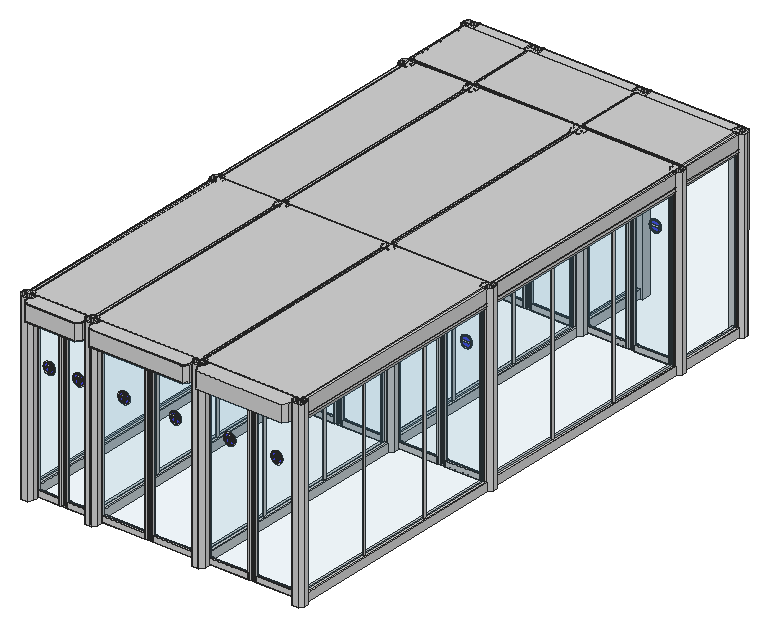
Revit family "assa_abloy_security_el_triple", category Doors, Revit 2026
Family settings
  Work Plane-Based = No
  Always vertical = Yes
  Cut with Voids When Loaded = No
  Shared = No
  Room Calculation Point = No
Parameters (values of type "EL Triple")
  Width = NominalWidth  # 979.00 mm
  Uniclass2015Version = "1.9"
  Uniclass2015Title = "High security doorsets"
  Uniclass2015Code = "Pr_30_59_24_37"
  URL = ""
  Type Comments = ""
  ThresholdStripping = no
  ThresholdRequired = no
  ThirdPassageWidth = if(Third Passage Width Input = 1, 650.00 mm, if(Third Passage Width Input = 2, 900.00 mm, if(Third Passage Width Input = 3, 1100.00 mm, if(Third Passage Width Input = 4, 1200.00 mm, 1400.00 mm))))  # 650.00 mm
  ThirdPassage = yes
  Third Passage Width Input = 1
  Thickness = 0.00 mm
  SmokeStop = no
  Size = "2365x3526x979"
  Shape = "cuboid shaped"
  Sensor = agtatec_Record_Aluminium
  SelfClosing = yes
  SecondPassageWidth = if(Second Passage Width Input = 1, 650.00 mm, if(Second Passage Width Input = 2, 900.00 mm, if(Second Passage Width Input = 3, 1100.00 mm, if(Second Passage Width Input = 4, 1200.00 mm, 1400.00 mm))))  # 1200.00 mm
  SecondPassage = yes
  Second Passage Width Input = 4
  SafetyDevices = "YES"
  Rubber = agtatec_Record_Rubber
  Row3 = ThirdPassage  # yes
  Row2 = SecondPassage  # yes
  Row1 = no
  Rough Width = NominalWidth  # 979.00 mm
  Rough Height = NominalHeight  # 500.00 mm
  PassageWidthOptions = "650/900/1100/1203"
  PassageWidthF = 0.00 mm
  PassageWidth = if(Passage Width Input = 1, 650.00 mm, if(Passage Width Input = 2, 900.00 mm, if(Passage Width Input = 3, 1100.00 mm, if(Passage Width Input = 4, 1200.00 mm, 1400.00 mm))))  # 1100.00 mm
  PassageHeight = 2100.00 mm
  Passage Width Input = 3
  PanelWidth3 = (ThirdPassageWidth / 2) + 23.10 mm  # 348.10 mm
  PanelWidth2 = (SecondPassageWidth / 2) + 23.10 mm  # 623.10 mm
  PanelWidth = (PassageWidth / 2) + 23.10 mm  # 573.10 mm
  PanelGlass = agtatec_Record_Glass
  Operation = "Automatic"
  OpeningRotationAngle = if(OpenDoor, 90.00°, 0.00°)  # 0.00°
  OpenDoor = no
  NominalWidth = 979.00 mm
  NominalLength = 3526.00 mm
  NominalHeight = 500.00 mm
  Name = "record FlipFlow Twin"
  NBSReference = "25-50-20/176"
  NBSDescription = "Sliding Doorset"
  ModelReference = "depends on the configuration"
  Model = ""
  Material = "Aluminium"
  ManufacturerURL = "www.agta-record.com"
  Manufacturer = "info@blasi.info"
  Length = 5999.839 mm
  Keynote = ""
  IsExternal = no
  IfcExportType = "Door"
  IfcExportAs = "IFCDoorStyle"
  Heightmin = 2150.00 mm  # constant formula
  Heightmax = 2300.00 mm  # constant formula
  HeightLimit = if(PassageHeight > Heightmin, if(PassageHeight < Heightmax, PassageHeight, Heightmax), Heightmin)  # 2150.00 mm
  Height = NominalHeight  # 500.00 mm
  HasDrive = yes
  HandicapAccessible = no
  GlassThickness1 = 8.20 mm
  GlassLayers = 1
  Function = Exterior
  Frames = agtatec_Record_Aluminium
  FrameMaterial = agtatec_Record_Aluminium
  FrameFinishOptions = "stainless steel finish"
  Fire Rating = ""
  Finish = "Aluminium and Glass"
  Features = "Throw-In detection"
  ElectronicLock = yes
  DoorSeal = yes
  DoorIncluded = yes
  Description = ""
  Define Thermal Properties by = Schematic Type
  Cost = 0
  Construction Type = "Automatic Sliding Door"
  Color = "RAL"
  Capacity = "up tp 2000 people / hour"
  CanopyHeight = 211.00 mm  # constant formula
  BIMObjectName = "Record_Security_FlipFlowTwin_Standalone"
  Author = "agtatec"
  Assembly Code = ""
  AntiFingerTrapRequirement = no
  Analytic Construction = "<None>"
  Alarm = agtatec_Record_Glass
  Advance = yes
Reference planes
  plane 1 "Entry": y = 0
  plane 2: z = 0
  plane 3 "Center (Left/Right)": x = 0
  plane 4 "Top": z = 2311
  plane 5 "PH": z = 2100
  plane 6: x = -550
  plane 7: x = 550
  plane 8 "Center": y = 2999.92
  plane 9: x = 573.1
  plane 10: x = -573.1
  plane 11: x = 628.05
  plane 12: x = 636.25
  plane 13: x = -628.05
  plane 14: x = -636.25
  plane 15: y = 3009.27
  plane 16: y = 2879.26
  plane 17: y = 9.35
  plane 18: y = 1922.623
  plane 19: y = 965.987
  plane 20: y = 1926.623
  plane 21: y = 1918.623
  plane 22: y = 969.987
  plane 23: y = 961.987
  plane 24: y = 17.45
  plane 25: y = 2871.16
  plane 26: y = 3017.37
  plane 27: z = 70.9
  plane 28: z = 2080.9
  plane 29: y = 3298.08
  plane 30: x = -548.75
  plane 31: y = 3203.96
  plane 32: x = -714.5
  plane 33: x = -1914.5
  plane 34: x = -1314.5
  plane 35: x = -1079
  plane 36: x = -2404
  plane 37: x = -2079
  plane 38: x = -2729
  plane 39: x = -2000.85
  plane 40: x = -1992.65
  plane 41: x = -2893.5
  plane 42: x = -2815.35
  plane 43: x = -2807.15
  plane 44: y = -20.298
  plane 45: x = -691.2
  plane 46: x = -1937.7
  plane 47: x = -1996.75
  plane 48: x = -1982.55
  plane 49: x = -1990.05
  plane 50: x = -638.325
  plane 51: x = -646.45
  plane 52: x = -2055.8
  plane 53: x = -2752.2
  plane 54: x = -589.65
  plane 55: x = -2766.465
  plane 56: x = -2041.535
  plane 57: x = -2035.65
  plane 58: x = -2002.981
  plane 59: x = -2043.25
  plane 60: x = -2764.75
  plane 61: x = -2017.572
  plane 62: x = -2797.05
  plane 63: z = 2110
  plane 64: z = 2300.414
  plane 65: x = 714.5
Forms (mm)
  Sweep 1, solid, material "agtatec_Record_Aluminium" <- "Frames"
    path origin (0, 2999.92, 0) x (1, 0, 0) y (0, 0, 1)
      loop
        line (550, 0) -> (550, 2311)
    profile origin (550, 2999.92, 1155.5) x (-1, 0, 0) y (0, -1, 0)
      loop
        line (-37.465, 128.76) -> (-69.55, 128.76) -> (-69.55, 108.76) -> (-94.75, 108.76) -> (-94.75, 128.76) -> (-127.035, 128.76) -> (-164.5, 68.803) -> (-164.5, 20.298) -> (-126.752, -17.45) -> (-43.296, -17.45) -> (-43.296, 20.296) -> (0, 20.296) -> (0, 68.803) -> (-37.465, 128.76)
      loop
        line (-93.15, 103.76) -> (-100.15, 103.76) -> (-100.15, 113.76) -> (-110.85, 113.76) -> (-110.85, 121.863) -> (-127.78, 121.863) -> (-162, 67.057) -> (-162, 65.303) -> (-144.6, 65.303) -> (-144.6, 44) -> (-121.65, 44) -> (-121.65, 53.5) -> (-84.65, 53.5) -> (-84.65, 90.06) -> (-93.15, 90.06) -> (-93.15, 103.76)
      loop
        line (-71.15, 103.76) -> (-71.15, 90.06) -> (-79.65, 90.06) -> (-79.65, 53.5) -> (-42.65, 53.5) -> (-42.65, 44) -> (-19.9, 44) -> (-19.9, 65.303) -> (-2.3, 65.303) -> (-2.3, 67.057) -> (-36.52, 121.863) -> (-53.45, 121.863) -> (-53.45, 113.76) -> (-64.15, 113.76) -> (-64.15, 103.76) -> (-71.15, 103.76)
      loop
        line (-102.6, 39) -> (-162, 39) -> (-162, 21.326) -> (-129.934, -10.74) -> (-106, -10.74) -> (-106, -7.95) -> (-102.6, -7.95) -> (-102.6, 39)
  Sweep 2, solid, material "agtatec_Record_Aluminium" <- "Frames"
    path origin (0, 2999.92, 0) x (-1, 0, 0) y (0, 0, 1)
      loop
        line (550, 0) -> (550, 2311)
    profile origin (-550, 2999.92, 1155.5) x (-1, 0, 0) y (0, -1, 0)
      loop
        line (37.465, 128.76) -> (0, 68.803) -> (0, 20.296) -> (43.296, 20.296) -> (43.296, -17.45) -> (121.004, -17.45) -> (121.004, 20.296) -> (164.5, 20.296) -> (164.5, 68.803) -> (127.035, 128.76) -> (94.75, 128.76) -> (94.75, 108.76) -> (69.55, 108.76) -> (69.55, 128.76) -> (37.465, 128.76)
      loop
        line (93.15, 103.76) -> (93.15, 90.06) -> (84.65, 90.06) -> (84.65, 53.5) -> (121.65, 53.5) -> (121.65, 44) -> (144.6, 44) -> (144.6, 65.303) -> (162, 65.303) -> (162, 67.057) -> (127.78, 121.863) -> (110.85, 121.863) -> (110.85, 113.76) -> (100.15, 113.76) -> (100.15, 103.76) -> (93.15, 103.76)
      loop
        line (71.15, 103.76) -> (64.15, 103.76) -> (64.15, 113.76) -> (53.45, 113.76) -> (53.45, 121.863) -> (36.52, 121.863) -> (2.3, 67.057) -> (2.3, 65.303) -> (19.9, 65.303) -> (19.9, 44) -> (42.65, 44) -> (42.65, 53.5) -> (79.65, 53.5) -> (79.65, 90.06) -> (71.15, 90.06) -> (71.15, 103.76)
  Extrusion 3, solid, material "agtatec_Record_Glass" <- "PanelGlass"
    sketch origin (0, 0, 0) x (1, 0, 0) y (0, 1, 0)
      loop
        line (636.25, 9.35) -> (636.25, 961.987) -> (628.05, 961.987) -> (628.05, 9.35) -> (636.25, 9.35)
      loop
        line (636.25, 2879.26) -> (628.05, 2879.26) -> (628.05, 1926.623) -> (636.25, 1926.623) -> (636.25, 2879.26)
      loop
        line (636.25, 969.987) -> (636.25, 1918.623) -> (628.05, 1918.623) -> (628.05, 969.987) -> (636.25, 969.987)
    from 70.9 to 2080.9
  Extrusion 4, solid, material "agtatec_Record_Glass" <- "PanelGlass"
    sketch origin (0, 0, 0) x (-1, 0, 0) y (0, -1, 0)
      loop
        line (636.25, -9.35) -> (628.05, -9.35) -> (628.05, -961.987) -> (636.25, -961.987) -> (636.25, -9.35)
      loop
        line (636.25, -2879.26) -> (636.25, -1926.623) -> (628.05, -1926.623) -> (628.05, -2879.26) -> (636.25, -2879.26)
      loop
        line (628.05, -969.987) -> (628.05, -1918.623) -> (636.25, -1918.623) -> (636.25, -969.987) -> (628.05, -969.987)
    from 0 to 2080.9
  Sweep 5, solid, material "agtatec_Record_Aluminium" <- "Frames"
    path origin (-3291.85, 965.987, 1200) x (1, 0, 0) y (0, 0, 1)
      loop
        line (3841.85, -1129.1) -> (3841.85, 880.9)
    profile origin (550, 965.987, 1075.9) x (-1, 0, 0) y (0, -1, 0)
      loop
        line (-77.85, -1) -> (-77.85, -15) -> (-75.85, -15) -> (-75.85, 15) -> (-77.85, 15) -> (-77.85, 1) -> (-86.45, 1) -> (-86.45, 15) -> (-88.45, 15) -> (-88.45, -15) -> (-86.45, -15) -> (-86.45, -1) -> (-77.85, -1)
  Sweep 6, solid, material "agtatec_Record_Aluminium" <- "Frames"
    path origin (-3291.85, 1922.623, 1200) x (1, 0, 0) y (0, 0, 1)
      loop
        line (3841.85, -1129.1) -> (3841.85, 880.9)
    profile origin (550, 1922.623, 1075.9) x (-1, 0, 0) y (0, -1, 0)
      loop
        line (-77.85, -1) -> (-77.85, -15) -> (-75.85, -15) -> (-75.85, 15) -> (-77.85, 15) -> (-77.85, 1) -> (-86.45, 1) -> (-86.45, 15) -> (-88.45, 15) -> (-88.45, -15) -> (-86.45, -15) -> (-86.45, -1) -> (-77.85, -1)
  Sweep 7, solid, material "agtatec_Record_Aluminium" <- "Frames"
    path origin (3291.85, 965.987, 1200) x (-1, 0, 0) y (0, 0, -1)
      loop
        line (3841.85, 1129.1) -> (3841.85, -880.9)
    profile origin (-550, 965.987, 1075.9) x (-1, 0, 0) y (0, -1, 0)
      loop
        line (77.85, -1) -> (86.45, -1) -> (86.45, -15) -> (88.45, -15) -> (88.45, 15) -> (86.45, 15) -> (86.45, 1) -> (77.85, 1) -> (77.85, 15) -> (75.85, 15) -> (75.85, -15) -> (77.85, -15) -> (77.85, -1)
  Sweep 8, solid, material "agtatec_Record_Aluminium" <- "Frames"
    path origin (3291.85, 1922.623, 1200) x (-1, 0, 0) y (0, 0, -1)
      loop
        line (3841.85, 1129.1) -> (3841.85, -880.9)
    profile origin (-550, 1922.623, 1075.9) x (-1, 0, 0) y (0, -1, 0)
      loop
        line (77.85, -1) -> (86.45, -1) -> (86.45, -15) -> (88.45, -15) -> (88.45, 15) -> (86.45, 15) -> (86.45, 1) -> (77.85, 1) -> (77.85, 15) -> (75.85, 15) -> (75.85, -15) -> (77.85, -15) -> (77.85, -1)
  Sweep 9, solid, material "agtatec_Record_Aluminium" <- "Frames"
    path origin (0, 0, 0) x (1, 0, 0) y (0, 1, 0)
      loop
        line (550, 17.45) -> (550, 2871.16)
    profile origin (550, 1444.305, 0) x (-1, 0, 0) y (0, 0, 1)
      loop
        line (-39.65, 0.9) -> (-39.65, 105.9)
        arc (-39.65, 105.9) -> (-41.114, 109.436) -> (-44.65, 110.9) r 5
        line (-44.65, 110.9) -> (-72.65, 110.9) -> (-72.65, 70.9) -> (-91.65, 70.9) -> (-91.65, 110.9) -> (-119.65, 110.9)
        arc (-119.65, 110.9) -> (-123.186, 109.436) -> (-124.65, 105.9) r 5
        line (-124.65, 105.9) -> (-124.65, 0.9) -> (-39.65, 0.9)
  Sweep 10, solid, material "agtatec_Record_Aluminium" <- "Frames"
    path origin (0, 0, 0) x (-1, 0, 0) y (0, 1, 0)
      loop
        line (550, 17.45) -> (550, 2871.16)
    profile origin (-550, 1444.305, 0) x (-1, 0, 0) y (0, 0, 1)
      loop
        line (39.65, 0.9) -> (124.65, 0.9) -> (124.65, 105.9)
        arc (124.65, 105.9) -> (123.186, 109.436) -> (119.65, 110.9) r 5
        line (119.65, 110.9) -> (91.65, 110.9) -> (91.65, 70.9) -> (72.65, 70.9) -> (72.65, 110.9) -> (44.65, 110.9)
        arc (44.65, 110.9) -> (41.114, 109.436) -> (39.65, 105.9) r 5
        line (39.65, 105.9) -> (39.65, 0.9)
  Sweep 11, solid, material "agtatec_Record_Aluminium" <- "Frames"
    path origin (0, 0, 2100) x (-1, 0, 0) y (0, -1, 0)
      loop
        line (-550, -17.45) -> (-550, -2871.16)
    profile origin (550, 1444.305, 2100) x (-1, 0, 0) y (0, 0, 1)
      loop
        line (-60.47, -28.7) -> (-39.65, 1.3) -> (-39.65, 38.1) -> (-115.65, 38.1)
        arc (-115.65, 38.1) -> (-118.125, 39.125) -> (-119.15, 41.6) r 3.5
        line (-119.15, 41.6) -> (-119.15, 105.35) -> (-46.15, 105.35) -> (-46.15, 142.35) -> (-119.15, 142.35) -> (-119.15, 206.6)
        arc (-119.15, 206.6) -> (-118.271, 208.721) -> (-116.15, 209.6) r 3
        line (-116.15, 209.6) -> (-71.15, 209.6) -> (-71.15, 211.6) -> (-116.15, 211.6)
        arc (-116.15, 211.6) -> (-119.686, 210.136) -> (-121.15, 206.6) r 5
        line (-121.15, 206.6) -> (-121.15, 41.6)
        arc (-121.15, 41.6) -> (-119.539, 37.711) -> (-115.65, 36.1) r 5.5
        line (-115.65, 36.1) -> (-115.65, 35.1) -> (-121.15, 35.1) -> (-121.15, 1.3) -> (-103.83, -28.7) -> (-92.15, -28.7) -> (-92.15, -33.1) -> (-89.15, -33.1) -> (-89.15, -19.1) -> (-75.15, -19.1) -> (-75.15, -33.1) -> (-72.15, -33.1) -> (-72.15, -28.7) -> (-60.47, -28.7)
  Sweep 12, solid, material "agtatec_Record_Aluminium" <- "Frames"
    path origin (0, 0, 2100) x (1, 0, 0) y (0, -1, 0)
      loop
        line (-550, -17.45) -> (-550, -2871.16)
    profile origin (-550, 1444.305, 2100) x (-1, 0, 0) y (0, 0, 1)
      loop
        line (60.47, -28.7) -> (72.15, -28.7) -> (72.15, -33.1) -> (75.15, -33.1) -> (75.15, -19.1) -> (89.15, -19.1) -> (89.15, -33.1) -> (92.15, -33.1) -> (92.15, -28.7) -> (103.83, -28.7) -> (121.15, 1.3) -> (121.15, 35.1) -> (115.65, 35.1) -> (115.65, 36.1)
        arc (115.65, 36.1) -> (119.539, 37.711) -> (121.15, 41.6) r 5.5
        line (121.15, 41.6) -> (121.15, 206.6)
        arc (121.15, 206.6) -> (119.686, 210.136) -> (116.15, 211.6) r 5
        line (116.15, 211.6) -> (71.15, 211.6) -> (71.15, 209.6) -> (116.15, 209.6)
        arc (116.15, 209.6) -> (118.271, 208.721) -> (119.15, 206.6) r 3
        line (119.15, 206.6) -> (119.15, 142.35) -> (46.15, 142.35) -> (46.15, 105.35) -> (119.15, 105.35) -> (119.15, 41.6)
        arc (119.15, 41.6) -> (118.125, 39.125) -> (115.65, 38.1) r 3.5
        line (115.65, 38.1) -> (43.15, 38.1) -> (43.15, 1.3) -> (60.47, -28.7)
  Extrusion 13, solid, material "agtatec_Record_Aluminium" <- "Frames"
    sketch origin (0, 0, 4.531) x (0, 1, 0) y (0, 0, 1)
      loop
        line (2999.92, 2311) -> (-16.95, 2311) -> (-16.95, 2306.469) -> (2999.92, 2306.469) -> (2999.92, 2311)
    from -628.05 to 628.05
  Extrusion 14, solid, material "agtatec_Record_Aluminium" <- "Frames"
    sketch origin (0, 0, 2100) x (-1, 0, 0) y (0, -1, 0)
      loop
        line (-589.65, 15.296) -> (-589.65, -2871.16) -> (-587.465, -2871.16) -> (-550, -2931.117) -> (-550, -2979.623) -> (550, -2979.623) -> (550, -2931.117) -> (587.465, -2871.16) -> (593.15, -2871.16) -> (593.15, 15.296) -> (-589.65, 15.296)
    from 0 to 10
  Extrusion 15, solid, material "agtatec_Record_Aluminium" <- "Frames", visible <- "Row1"
    sketch origin (-1360, -1354.92, 2311) x (-1, 0, 0) y (0, -1, 0)
      loop
        line (-826.671, -4651.125) -> (-734.45, -4558.904) -> (-734.45, -4372.289) -> (-766.9, -4372.289) -> (-766.9, -4354.839) -> (-1953.296, -4354.839) -> (-1953.296, -4372.289) -> (-1986.175, -4372.289) -> (-1986.175, -4553.279) -> (-1888.329, -4651.125) -> (-826.671, -4651.125)
    from 0 to -10.586
  Extrusion 16, solid, material "agtatec_Record_Aluminium" <- "Frames", visible <- "Row1"
    sketch origin (-1300, -2999.92, 2100) x (-1, 0, 0) y (0, -1, 0)
      loop
        line (-1928.05, -6199.579) -> (-1829.629, -6298) -> (-765.471, -6298) -> (-671.95, -6204.479) -> (-671.95, -6017.289) -> (-673.925, -6017.289) -> (-673.925, -6203.625) -> (-766.3, -6296) -> (-1828.8, -6296) -> (-1926.019, -6198.781) -> (-1926.019, -6017.289) -> (-1928.05, -6017.289) -> (-1928.05, -6199.579)
    from 0 to 211
  Extrusion 17, solid, material "agtatec_Record_Aluminium" <- "Frames", visible <- "Row1"
    sketch origin (7.603, -26.037, 2100) x (-1, 0, 0) y (0, -1, 0)
      loop
        line (556.353, -2959.202) -> (595.099, -2897.196) -> (-580.099, -2897.196) -> (-542.397, -2957.532) -> (-542.397, -3005.873) -> (-585.796, -3005.873) -> (-585.796, -3043.406) -> (-610.447, -3043.406) -> (-610.447, -3228.462) -> (-524.792, -3314.117) -> (539.792, -3314.117) -> (625.653, -3228.256) -> (625.653, -3043.406) -> (600.796, -3043.406) -> (600.796, -3005.873) -> (556.353, -3005.873) -> (556.353, -2959.202)
    from 0 to 10
  Sweep 18, solid, material "agtatec_Record_Aluminium" <- "Frames", visible <- "Row2"
    path origin (-664.5, 2999.92, 0) x (-1, 0, 0) y (0, 0, 1)
      loop
        line (1250, 0) -> (1250, 2311)
    profile origin (-1914.5, 2999.92, 1155.5) x (-1, 0, 0) y (0, -1, 0)
      loop
        line (37.465, 128.76) -> (0, 68.803) -> (0, 20.296) -> (43.296, 20.296) -> (43.296, -17.45) -> (126.752, -17.45) -> (164.5, 20.298) -> (164.5, 68.803) -> (127.035, 128.76) -> (94.75, 128.76) -> (94.75, 108.76) -> (69.55, 108.76) -> (69.55, 128.76) -> (37.465, 128.76)
      loop
        line (93.15, 103.76) -> (93.15, 90.06) -> (84.65, 90.06) -> (84.65, 53.5) -> (121.65, 53.5) -> (121.65, 44) -> (144.6, 44) -> (144.6, 65.303) -> (162, 65.303) -> (162, 67.057) -> (127.78, 121.863) -> (110.85, 121.863) -> (110.85, 113.76) -> (100.15, 113.76) -> (100.15, 103.76) -> (93.15, 103.76)
      loop
        line (71.15, 103.76) -> (64.15, 103.76) -> (64.15, 113.76) -> (53.45, 113.76) -> (53.45, 121.863) -> (36.52, 121.863) -> (2.3, 67.057) -> (2.3, 65.303) -> (19.9, 65.303) -> (19.9, 44) -> (42.65, 44) -> (42.65, 53.5) -> (79.65, 53.5) -> (79.65, 90.06) -> (71.15, 90.06) -> (71.15, 103.76)
      loop
        line (102.6, 39) -> (102.6, -7.95) -> (106, -7.95) -> (106, -10.74) -> (129.934, -10.74) -> (162, 21.326) -> (162, 39) -> (102.6, 39)
  Extrusion 19, solid, material "agtatec_Record_Glass" <- "PanelGlass", visible <- "Row2"
    sketch origin (-664.5, 0, 0) x (-1, 0, 0) y (0, -1, 0)
      loop
        line (1336.35, -9.35) -> (1328.15, -9.35) -> (1328.15, -961.987) -> (1336.35, -961.987) -> (1336.35, -9.35)
      loop
        line (1336.35, -2871.16) -> (1336.35, -1926.623) -> (1328.15, -1926.623) -> (1328.15, -2871.16) -> (1336.35, -2871.16)
      loop
        line (1328.15, -969.987) -> (1328.15, -1918.623) -> (1336.35, -1918.623) -> (1336.35, -969.987) -> (1328.15, -969.987)
    from 0 to 2080.9
  Sweep 20, solid, material "agtatec_Record_Aluminium" <- "Frames", visible <- "Row2"
    path origin (2627.45, 965.987, 1200) x (-1, 0, 0) y (0, 0, -1)
      loop
        line (4541.85, 1129.1) -> (4541.85, -880.9)
    profile origin (-1914.4, 965.987, 1075.9) x (-1, 0, 0) y (0, -1, 0)
      loop
        line (77.85, -1) -> (86.45, -1) -> (86.45, -15) -> (88.45, -15) -> (88.45, 15) -> (86.45, 15) -> (86.45, 1) -> (77.85, 1) -> (77.85, 15) -> (75.85, 15) -> (75.85, -15) -> (77.85, -15) -> (77.85, -1)
  Sweep 21, solid, material "agtatec_Record_Aluminium" <- "Frames", visible <- "Row2"
    path origin (2627.45, 1922.623, 1200) x (-1, 0, 0) y (0, 0, -1)
      loop
        line (4541.85, 1129.1) -> (4541.85, -880.9)
    profile origin (-1914.4, 1922.623, 1075.9) x (-1, 0, 0) y (0, -1, 0)
      loop
        line (77.85, -1) -> (86.45, -1) -> (86.45, -15) -> (88.45, -15) -> (88.45, 15) -> (86.45, 15) -> (86.45, 1) -> (77.85, 1) -> (77.85, 15) -> (75.85, 15) -> (75.85, -15) -> (77.85, -15) -> (77.85, -1)
  Sweep 22, solid, material "agtatec_Record_Aluminium" <- "Frames", visible <- "Row2"
    path origin (-664.5, 0, 0) x (-1, 0, 0) y (0, 1, 0)
      loop
        line (1250, 17.45) -> (1250, 2871.16)
    profile origin (-1914.5, 1444.305, 0) x (-1, 0, 0) y (0, 0, 1)
      loop
        line (39.65, 0.9) -> (124.65, 0.9) -> (124.65, 105.9)
        arc (124.65, 105.9) -> (123.186, 109.436) -> (119.65, 110.9) r 5
        line (119.65, 110.9) -> (91.65, 110.9) -> (91.65, 70.9) -> (72.65, 70.9) -> (72.65, 110.9) -> (44.65, 110.9)
        arc (44.65, 110.9) -> (41.114, 109.436) -> (39.65, 105.9) r 5
        line (39.65, 105.9) -> (39.65, 0.9)
  Sweep 23, solid, material "agtatec_Record_Aluminium" <- "Frames", visible <- "Row2"
    path origin (-664.5, 0, 2100) x (1, 0, 0) y (0, -1, 0)
      loop
        line (-1250, -17.45) -> (-1250, -2871.16)
    profile origin (-1914.5, 1444.305, 2100) x (-1, 0, 0) y (0, 0, 1)
      loop
        line (60.47, -28.7) -> (72.15, -28.7) -> (72.15, -33.1) -> (75.15, -33.1) -> (75.15, -19.1) -> (89.15, -19.1) -> (89.15, -33.1) -> (92.15, -33.1) -> (92.15, -28.7) -> (103.83, -28.7) -> (121.15, 1.3) -> (121.15, 35.1) -> (115.65, 35.1) -> (115.65, 36.1)
        arc (115.65, 36.1) -> (119.539, 37.711) -> (121.15, 41.6) r 5.5
        line (121.15, 41.6) -> (121.15, 206.6)
        arc (121.15, 206.6) -> (119.686, 210.136) -> (116.15, 211.6) r 5
        line (116.15, 211.6) -> (71.15, 211.6) -> (71.15, 209.6) -> (116.15, 209.6)
        arc (116.15, 209.6) -> (118.271, 208.721) -> (119.15, 206.6) r 3
        line (119.15, 206.6) -> (119.15, 142.35) -> (46.15, 142.35) -> (46.15, 105.35) -> (119.15, 105.35) -> (119.15, 41.6)
        arc (119.15, 41.6) -> (118.125, 39.125) -> (115.65, 38.1) r 3.5
        line (115.65, 38.1) -> (43.15, 38.1) -> (43.15, 1.3) -> (60.47, -28.7)
  Extrusion 24, solid, material "agtatec_Record_Aluminium" <- "Frames", visible <- "Row2"
    sketch origin (-664.5, 0, 4.531) x (0, 1, 0) y (0, 0, 1)
      loop
        line (2999.92, 2311) -> (-20.298, 2311) -> (-20.298, 2306.469) -> (2999.92, 2306.469) -> (2999.92, 2311)
    from -1328.15 to 28.25
  Extrusion 25, solid, material "agtatec_Record_Aluminium" <- "Frames", visible <- "Row2"
    sketch origin (-664.5, 0, 2100) x (-1, 0, 0) y (0, -1, 0)
      loop
        line (1250, -2931.117) -> (1287.465, -2871.16) -> (1293.15, -2871.16) -> (1293.15, 20.296) -> (6.85, 20.296) -> (6.85, -2871.16) -> (12.535, -2871.16) -> (50, -2931.117) -> (50, -2979.623) -> (1250, -2979.623) -> (1250, -2931.117)
    from 0 to 10
  Extrusion 26, solid, material "agtatec_Record_Aluminium" <- "Frames", visible <- "Row2"
    sketch origin (-2024.5, -1354.92, 2311) x (-1, 0, 0) y (0, -1, 0)
      loop
        line (-126.671, -4651.125) -> (-34.45, -4558.904) -> (-34.45, -4372.289) -> (-66.9, -4372.289) -> (-66.9, -4354.839) -> (-1353.296, -4354.839) -> (-1353.296, -4372.289) -> (-1386.175, -4372.289) -> (-1386.175, -4553.279) -> (-1288.329, -4651.125) -> (-126.671, -4651.125)
    from 0 to -10.586
  Extrusion 27, solid, material "agtatec_Record_Aluminium" <- "Frames", visible <- "Row2"
    sketch origin (-1964.5, -2999.92, 2100) x (-1, 0, 0) y (0, -1, 0)
      loop
        line (-1328.25, -6199.379) -> (-1229.629, -6298) -> (-65.471, -6298) -> (28.15, -6204.379) -> (28.15, -6017.289) -> (26.075, -6017.289) -> (26.075, -6203.625) -> (-66.3, -6296) -> (-1228.8, -6296) -> (-1326.019, -6198.781) -> (-1326.019, -6017.289) -> (-1328.25, -6017.289) -> (-1328.25, -6199.379)
    from 0 to 211
  Extrusion 28, solid, material "agtatec_Record_Aluminium" <- "Frames", visible <- "Row2"
    sketch origin (-656.897, -26.037, 2100) x (-1, 0, 0) y (0, -1, 0)
      loop
        line (1256.353, -2959.202) -> (1295.099, -2897.196) -> (19.901, -2897.196) -> (57.603, -2957.532) -> (57.603, -3005.873) -> (14.204, -3005.873) -> (14.204, -3043.406) -> (-10.447, -3043.406) -> (-10.447, -3228.462) -> (75.208, -3314.117) -> (1239.792, -3314.117) -> (1325.653, -3228.256) -> (1325.653, -3043.406) -> (1300.796, -3043.406) -> (1300.796, -3005.873) -> (1256.353, -3005.873) -> (1256.353, -2959.202)
    from 0 to 10
  Sweep 29, solid, material "agtatec_Record_Aluminium" <- "Frames", visible <- "Row3"
    path origin (-1329, 2999.92, 0) x (-1, 0, 0) y (0, 0, 1)
      loop
        line (1400, 0) -> (1400, 2311)
    profile origin (-2729, 2999.92, 1155.5) x (-1, 0, 0) y (0, -1, 0)
      loop
        line (37.465, 128.76) -> (0, 68.803) -> (0, 20.296) -> (43.296, 20.296) -> (43.296, -17.45) -> (126.752, -17.45) -> (164.5, 20.298) -> (164.5, 68.803) -> (127.035, 128.76) -> (94.75, 128.76) -> (94.75, 108.76) -> (69.55, 108.76) -> (69.55, 128.76) -> (37.465, 128.76)
      loop
        line (93.15, 103.76) -> (93.15, 90.06) -> (84.65, 90.06) -> (84.65, 53.5) -> (121.65, 53.5) -> (121.65, 44) -> (144.6, 44) -> (144.6, 65.303) -> (162, 65.303) -> (162, 67.057) -> (127.78, 121.863) -> (110.85, 121.863) -> (110.85, 113.76) -> (100.15, 113.76) -> (100.15, 103.76) -> (93.15, 103.76)
      loop
        line (71.15, 103.76) -> (64.15, 103.76) -> (64.15, 113.76) -> (53.45, 113.76) -> (53.45, 121.863) -> (36.52, 121.863) -> (2.3, 67.057) -> (2.3, 65.303) -> (19.9, 65.303) -> (19.9, 44) -> (42.65, 44) -> (42.65, 53.5) -> (79.65, 53.5) -> (79.65, 90.06) -> (71.15, 90.06) -> (71.15, 103.76)
      loop
        line (102.6, 39) -> (102.6, -7.95) -> (106, -7.95) -> (106, -10.74) -> (129.934, -10.74) -> (162, 21.326) -> (162, 39) -> (102.6, 39)
  Extrusion 30, solid, material "agtatec_Record_Glass" <- "PanelGlass", visible <- "Row3"
    sketch origin (-1329, 0, 0) x (-1, 0, 0) y (0, -1, 0)
      loop
        line (1486.25, -9.35) -> (1478.05, -9.35) -> (1478.05, -961.987) -> (1486.25, -961.987) -> (1486.25, -9.35)
      loop
        line (1486.25, -2879.26) -> (1486.25, -1926.623) -> (1478.05, -1926.623) -> (1478.05, -2879.26) -> (1486.25, -2879.26)
      loop
        line (1478.05, -969.987) -> (1478.05, -1918.623) -> (1486.25, -1918.623) -> (1486.25, -969.987) -> (1478.05, -969.987)
    from 0 to 2080.9
  Sweep 31, solid, material "agtatec_Record_Aluminium" <- "Frames", visible <- "Row3"
    path origin (1962.85, 965.987, 1200) x (-1, 0, 0) y (0, 0, -1)
      loop
        line (4691.85, 1129.1) -> (4691.85, -880.9)
    profile origin (-2729, 965.987, 1075.9) x (-1, 0, 0) y (0, -1, 0)
      loop
        line (77.85, -1) -> (86.45, -1) -> (86.45, -15) -> (88.45, -15) -> (88.45, 15) -> (86.45, 15) -> (86.45, 1) -> (77.85, 1) -> (77.85, 15) -> (75.85, 15) -> (75.85, -15) -> (77.85, -15) -> (77.85, -1)
  Sweep 32, solid, material "agtatec_Record_Aluminium" <- "Frames", visible <- "Row3"
    path origin (1962.85, 1922.623, 1200) x (-1, 0, 0) y (0, 0, -1)
      loop
        line (4691.85, 1129.1) -> (4691.85, -880.9)
    profile origin (-2729, 1922.623, 1075.9) x (-1, 0, 0) y (0, -1, 0)
      loop
        line (77.85, -1) -> (86.45, -1) -> (86.45, -15) -> (88.45, -15) -> (88.45, 15) -> (86.45, 15) -> (86.45, 1) -> (77.85, 1) -> (77.85, 15) -> (75.85, 15) -> (75.85, -15) -> (77.85, -15) -> (77.85, -1)
  Sweep 33, solid, material "agtatec_Record_Aluminium" <- "Frames", visible <- "Row3"
    path origin (-1329, 0, 0) x (-1, 0, 0) y (0, 1, 0)
      loop
        line (1400, 17.45) -> (1400, 2871.16)
    profile origin (-2729, 1444.305, 0) x (-1, 0, 0) y (0, 0, 1)
      loop
        line (39.65, 0.9) -> (124.65, 0.9) -> (124.65, 105.9)
        arc (124.65, 105.9) -> (123.186, 109.436) -> (119.65, 110.9) r 5
        line (119.65, 110.9) -> (91.65, 110.9) -> (91.65, 70.9) -> (72.65, 70.9) -> (72.65, 110.9) -> (44.65, 110.9)
        arc (44.65, 110.9) -> (41.114, 109.436) -> (39.65, 105.9) r 5
        line (39.65, 105.9) -> (39.65, 0.9)
  Sweep 34, solid, material "agtatec_Record_Aluminium" <- "Frames", visible <- "Row3"
    path origin (-1329, 0, 2100) x (1, 0, 0) y (0, -1, 0)
      loop
        line (-1400, -17.45) -> (-1400, -2871.16)
    profile origin (-2729, 1444.305, 2100) x (-1, 0, 0) y (0, 0, 1)
      loop
        line (60.47, -28.7) -> (72.15, -28.7) -> (72.15, -33.1) -> (75.15, -33.1) -> (75.15, -19.1) -> (89.15, -19.1) -> (89.15, -33.1) -> (92.15, -33.1) -> (92.15, -28.7) -> (103.83, -28.7) -> (121.15, 1.3) -> (121.15, 35.1) -> (115.65, 35.1) -> (115.65, 36.1)
        arc (115.65, 36.1) -> (119.539, 37.711) -> (121.15, 41.6) r 5.5
        line (121.15, 41.6) -> (121.15, 206.6)
        arc (121.15, 206.6) -> (119.686, 210.136) -> (116.15, 211.6) r 5
        line (116.15, 211.6) -> (71.15, 211.6) -> (71.15, 209.6) -> (116.15, 209.6)
        arc (116.15, 209.6) -> (118.271, 208.721) -> (119.15, 206.6) r 3
        line (119.15, 206.6) -> (119.15, 142.35) -> (46.15, 142.35) -> (46.15, 105.35) -> (119.15, 105.35) -> (119.15, 41.6)
        arc (119.15, 41.6) -> (118.125, 39.125) -> (115.65, 38.1) r 3.5
        line (115.65, 38.1) -> (43.15, 38.1) -> (43.15, 1.3) -> (60.47, -28.7)
  Extrusion 35, solid, material "agtatec_Record_Aluminium" <- "Frames", visible <- "Row3"
    sketch origin (-1329, 0, 4.531) x (0, 1, 0) y (0, 0, 1)
      loop
        line (2999.92, 2311) -> (-20.298, 2311) -> (-20.298, 2306.469) -> (2999.92, 2306.469) -> (2999.92, 2311)
    from -1478.15 to -671.85
  Extrusion 36, solid, material "agtatec_Record_Aluminium" <- "Frames", visible <- "Row3"
    sketch origin (-1329, 0, 2100) x (-1, 0, 0) y (0, -1, 0)
      loop
        line (1400, -2931.117) -> (1437.465, -2871.16) -> (1443.15, -2871.16) -> (1443.15, 20.296) -> (706.65, 20.296) -> (706.65, -2871.16) -> (712.535, -2871.16) -> (-250, -2931.117) -> (-250, -2979.623) -> (1400, -2979.623) -> (1400, -2931.117)
    from 0 to 10
  Extrusion 37, solid, material "agtatec_Record_Aluminium" <- "Frames", visible <- "Row3"
    sketch origin (-2689, -1354.92, 2311) x (-1, 0, 0) y (0, -1, 0)
      loop
        line (23.329, -4651.125) -> (118.15, -4556.304) -> (118.15, -4372.289) -> (83.1, -4372.289) -> (83.1, -4354.839) -> (-653.296, -4354.839) -> (-653.296, -4372.289) -> (-686.019, -4372.289) -> (-686.019, -4553.435) -> (-588.329, -4651.125) -> (23.329, -4651.125)
    from 0 to -10.586
  Extrusion 38, solid, material "agtatec_Record_Aluminium" <- "Frames", visible <- "Row3"
    sketch origin (-2629, -2999.92, 2100) x (-1, 0, 0) y (0, -1, 0)
      loop
        line (-628.15, -6199.479) -> (-529.629, -6298) -> (84.529, -6298) -> (178.15, -6204.379) -> (178.15, -6017.289) -> (176.075, -6017.289) -> (176.075, -6203.625) -> (83.7, -6296) -> (-528.8, -6296) -> (-626.019, -6198.781) -> (-626.019, -6017.289) -> (-628.15, -6017.289) -> (-628.15, -6199.479)
    from 0 to 211
  Extrusion 39, solid, material "agtatec_Record_Aluminium" <- "Frames", visible <- "Row3"
    sketch origin (-1321.397, -26.037, 2100) x (-1, 0, 0) y (0, -1, 0)
      loop
        line (1406.353, -2959.202) -> (1445.099, -2897.196) -> (719.901, -2897.196) -> (757.603, -2957.532) -> (757.603, -3005.873) -> (714.204, -3005.873) -> (714.204, -3043.406) -> (696.175, -3043.406) -> (696.175, -3235.084) -> (775.208, -3314.117) -> (1389.792, -3314.117) -> (1475.653, -3228.256) -> (1475.653, -3043.406) -> (1450.796, -3043.406) -> (1450.796, -3005.873) -> (1406.353, -3005.873) -> (1406.353, -2959.202)
    from 0 to 10
Cuts and joins
  joined: Sweep 11, Sweep 12, Extrusion 13
Lines and regions (mm)
  symbolic lines, detail levels fine
    curve 1: line (-660.85, 2878.057, 0) -> (-677.78, 2878.057, 0)
    curve 2: line (-677.78, 2878.057, 0) -> (-712, 2932.862, 0)
    curve 3: line (-712, 2932.862, 0) -> (-712, 2934.617, 0)
    curve 4: line (-712, 2934.617, 0) -> (-694.6, 2934.617, 0)
    curve 5: line (-694.6, 2934.617, 0) -> (-694.6, 2955.92, 0)
    curve 6: line (-694.6, 2955.92, 0) -> (-671.65, 2955.92, 0)
    curve 7: line (-671.65, 2955.92, 0) -> (-671.65, 2946.42, 0)
    curve 8: line (-671.65, 2946.42, 0) -> (-634.65, 2946.42, 0)
    curve 9: line (-634.65, 2946.42, 0) -> (-634.65, 2909.86, 0)
    curve 10: line (-634.65, 2909.86, 0) -> (-643.15, 2909.86, 0)
    curve 11: line (-643.15, 2909.86, 0) -> (-643.15, 2896.16, 0)
    curve 12: line (-643.15, 2896.16, 0) -> (-650.15, 2896.16, 0)
    curve 13: line (-650.15, 2896.16, 0) -> (-650.15, 2886.16, 0)
    curve 14: line (-650.15, 2886.16, 0) -> (-660.85, 2886.16, 0)
    curve 15: line (-660.85, 2886.16, 0) -> (-660.85, 2878.057, 0)
    curve 16: line (-552.3, 2934.617, 0) -> (-552.3, 2932.862, 0)
    curve 17: line (-569.9, 2934.617, 0) -> (-552.3, 2934.617, 0)
    curve 18: line (-552.3, 2932.862, 0) -> (-586.52, 2878.057, 0)
    curve 19: line (-569.9, 2955.92, 0) -> (-569.9, 2934.617, 0)
    curve 20: line (-592.65, 2955.92, 0) -> (-569.9, 2955.92, 0)
    curve 21: line (-592.65, 2946.42, 0) -> (-592.65, 2955.92, 0)
    curve 22: line (-586.52, 2878.057, 0) -> (-603.45, 2878.057, 0)
    curve 23: line (-603.45, 2878.057, 0) -> (-603.45, 2886.16, 0)
    curve 24: line (-603.45, 2886.16, 0) -> (-614.15, 2886.16, 0)
    curve 25: line (-614.15, 2886.16, 0) -> (-614.15, 2896.16, 0)
    curve 26: line (-614.15, 2896.16, 0) -> (-621.15, 2896.16, 0)
    curve 27: line (-621.15, 2896.16, 0) -> (-621.15, 2909.86, 0)
    curve 28: line (-621.15, 2909.86, 0) -> (-629.65, 2909.86, 0)
    curve 29: line (-629.65, 2909.86, 0) -> (-629.65, 2946.42, 0)
    curve 30: line (-629.65, 2946.42, 0) -> (-592.65, 2946.42, 0)
    curve 31: line (603.45, 2878.057, 0) -> (586.52, 2878.057, 0)
    curve 32: line (603.45, 2886.16, 0) -> (603.45, 2878.057, 0)
    curve 33: line (614.15, 2886.16, 0) -> (603.45, 2886.16, 0)
    curve 34: line (614.15, 2896.16, 0) -> (614.15, 2886.16, 0)
    curve 35: line (621.15, 2896.16, 0) -> (614.15, 2896.16, 0)
    curve 36: line (621.15, 2909.86, 0) -> (621.15, 2896.16, 0)
    curve 37: line (629.65, 2909.86, 0) -> (621.15, 2909.86, 0)
    curve 38: line (629.65, 2946.42, 0) -> (629.65, 2909.86, 0)
    curve 39: line (586.52, 2878.057, 0) -> (552.3, 2932.862, 0)
    curve 40: line (552.3, 2932.862, 0) -> (552.3, 2934.617, 0)
    curve 41: line (552.3, 2934.617, 0) -> (569.9, 2934.617, 0)
    curve 42: line (569.9, 2934.617, 0) -> (569.9, 2955.92, 0)
    curve 43: line (569.9, 2955.92, 0) -> (592.65, 2955.92, 0)
    curve 44: line (592.65, 2955.92, 0) -> (592.65, 2946.42, 0)
    curve 45: line (592.65, 2946.42, 0) -> (629.65, 2946.42, 0)
    curve 46: line (634.65, 2909.86, 0) -> (634.65, 2946.42, 0)
    curve 47: line (634.65, 2946.42, 0) -> (671.65, 2946.42, 0)
    curve 48: line (671.65, 2946.42, 0) -> (671.65, 2955.92, 0)
    curve 49: line (671.65, 2955.92, 0) -> (694.6, 2955.92, 0)
    curve 50: line (694.6, 2955.92, 0) -> (694.6, 2934.617, 0)
    curve 51: line (694.6, 2934.617, 0) -> (712, 2934.617, 0)
    curve 52: line (643.15, 2909.86, 0) -> (634.65, 2909.86, 0)
    curve 53: line (643.15, 2896.16, 0) -> (643.15, 2909.86, 0)
    curve 54: line (650.15, 2896.16, 0) -> (643.15, 2896.16, 0)
    curve 55: line (660.85, 2878.057, 0) -> (660.85, 2886.16, 0)
    curve 56: line (677.78, 2878.057, 0) -> (660.85, 2878.057, 0)
    curve 57: line (712, 2932.862, 0) -> (677.78, 2878.057, 0)
    curve 58: line (712, 2934.617, 0) -> (712, 2932.862, 0)
    curve 59: line (712, 2960.92, 0) -> (652.6, 2960.92, 0)
    curve 60: line (712, 2978.593, 0) -> (712, 2960.92, 0)
    curve 61: line (679.934, 3010.66, 0) -> (712, 2978.593, 0)
    curve 62: line (652.6, 2960.92, 0) -> (652.6, 3007.87, 0)
    curve 63: line (-638.45, 950.987, 0) -> (-636.45, 950.987, 0)
    curve 64: line (-638.45, 980.987, 0) -> (-638.45, 950.987, 0)
    curve 65: line (-636.45, 950.987, 0) -> (-636.45, 964.987, 0)
    curve 66: line (-627.85, 964.987, 0) -> (-627.85, 950.987, 0)
    curve 67: line (-636.45, 964.987, 0) -> (-627.85, 964.987, 0)
    curve 68: line (-627.85, 950.987, 0) -> (-625.85, 950.987, 0)
    curve 69: line (-625.85, 950.987, 0) -> (-625.85, 980.987, 0)
    curve 70: line (-625.85, 980.987, 0) -> (-627.85, 980.987, 0)
    curve 71: line (-636.45, 980.987, 0) -> (-638.45, 980.987, 0)
    curve 72: line (-636.45, 966.987, 0) -> (-636.45, 980.987, 0)
    curve 73: line (-627.85, 980.987, 0) -> (-627.85, 966.987, 0)
    curve 74: line (-627.85, 966.987, 0) -> (-636.45, 966.987, 0)
    curve 75: line (-638.45, 1907.623, 0) -> (-636.45, 1907.623, 0)
    curve 76: line (-636.45, 1907.623, 0) -> (-636.45, 1921.623, 0)
    curve 77: line (-636.45, 1921.623, 0) -> (-627.85, 1921.623, 0)
    curve 78: line (-627.85, 1921.623, 0) -> (-627.85, 1907.623, 0)
    curve 79: line (-627.85, 1907.623, 0) -> (-625.85, 1907.623, 0)
    curve 80: line (-625.85, 1907.623, 0) -> (-625.85, 1937.623, 0)
    curve 81: line (-638.45, 1937.623, 0) -> (-638.45, 1907.623, 0)
    curve 82: line (-627.85, 1923.623, 0) -> (-636.45, 1923.623, 0)
    curve 83: line (-636.45, 1923.623, 0) -> (-636.45, 1937.623, 0)
    curve 84: line (-627.85, 1937.623, 0) -> (-627.85, 1923.623, 0)
    curve 85: line (-625.85, 1937.623, 0) -> (-627.85, 1937.623, 0)
    curve 86: line (-636.45, 1937.623, 0) -> (-638.45, 1937.623, 0)
    curve 87: line (-644.75, -2.551, 0) -> (-644.75, 17.45, 0)
    curve 88: line (-619.55, -2.551, 0) -> (-644.75, -2.551, 0)
    curve 89: line (-619.55, 17.45, 0) -> (-619.55, -2.551, 0)
    curve 90: line (619.55, 2871.16, 0) -> (619.55, 2891.16, 0)
    curve 91: line (619.55, 2891.16, 0) -> (644.75, 2891.16, 0)
    curve 92: line (644.75, 2891.16, 0) -> (644.75, 2871.16, 0)
    curve 93: line (644.75, -2.55, 0) -> (619.55, -2.55, 0)
    curve 94: line (619.55, -2.55, 0) -> (619.55, 17.45, 0)
    curve 95: line (644.75, 17.45, 0) -> (644.75, -2.55, 0)
    curve 104: line (625.85, 950.987, 0) -> (627.85, 950.987, 0)
    curve 105: line (636.45, 950.987, 0) -> (638.45, 950.987, 0)
    curve 106: line (627.85, 950.987, 0) -> (627.85, 964.987, 0)
    curve 107: line (625.85, 980.987, 0) -> (625.85, 950.987, 0)
    curve 108: line (627.85, 964.987, 0) -> (636.45, 964.987, 0)
    curve 109: line (636.45, 966.987, 0) -> (627.85, 966.987, 0)
    curve 110: line (636.45, 964.987, 0) -> (636.45, 950.987, 0)
    curve 111: line (638.45, 950.987, 0) -> (638.45, 980.987, 0)
    curve 112: line (627.85, 966.987, 0) -> (627.85, 980.987, 0)
    curve 113: line (636.45, 980.987, 0) -> (636.45, 966.987, 0)
    curve 114: line (638.45, 980.987, 0) -> (636.45, 980.987, 0)
    curve 115: line (627.85, 980.987, 0) -> (625.85, 980.987, 0)
    curve 116: line (625.85, 1907.623, 0) -> (627.85, 1907.623, 0)
    curve 117: line (627.85, 1907.623, 0) -> (627.85, 1921.623, 0)
    curve 118: line (625.85, 1937.623, 0) -> (625.85, 1907.623, 0)
    curve 119: line (636.45, 1921.623, 0) -> (636.45, 1907.623, 0)
    curve 120: line (636.45, 1907.623, 0) -> (638.45, 1907.623, 0)
    curve 121: line (638.45, 1907.623, 0) -> (638.45, 1937.623, 0)
    curve 122: line (627.85, 1921.623, 0) -> (636.45, 1921.623, 0)
    curve 123: line (636.45, 1923.623, 0) -> (627.85, 1923.623, 0)
    curve 124: line (636.45, 1937.623, 0) -> (636.45, 1923.623, 0)
    curve 125: line (627.85, 1923.623, 0) -> (627.85, 1937.623, 0)
    curve 126: line (627.85, 1937.623, 0) -> (625.85, 1937.623, 0)
    curve 127: line (638.45, 1937.623, 0) -> (636.45, 1937.623, 0)
    curve 131: line (-636.25, 2879.26, 0) -> (-628.05, 2879.26, 0)
    curve 132: line (-636.25, 1926.623, 0) -> (-636.25, 2879.26, 0)
    curve 133: line (-628.05, 1926.623, 0) -> (-636.25, 1926.623, 0)
    curve 134: line (-628.05, 2879.26, 0) -> (-628.05, 1926.623, 0)
    curve 135: line (-636.25, 1918.623, 0) -> (-628.05, 1918.623, 0)
    curve 136: line (-636.25, 969.987, 0) -> (-636.25, 1918.623, 0)
    curve 137: line (-628.05, 969.987, 0) -> (-636.25, 969.987, 0)
    curve 138: line (-628.05, 1918.623, 0) -> (-628.05, 969.987, 0)
    curve 139: line (-636.25, 961.987, 0) -> (-628.05, 961.987, 0)
    curve 140: line (-636.25, 9.35, 0) -> (-636.25, 961.987, 0)
    curve 141: line (-628.05, 9.35, 0) -> (-636.25, 9.35, 0)
    curve 142: line (-628.05, 961.987, 0) -> (-628.05, 9.35, 0)
    curve 145: line (628.05, 9.35, 0) -> (636.25, 9.35, 0)
    curve 146: line (636.25, 9.35, 0) -> (636.25, 961.987, 0)
    curve 147: line (628.05, 961.987, 0) -> (628.05, 9.35, 0)
    curve 148: line (636.25, 961.987, 0) -> (628.05, 961.987, 0)
    curve 149: line (628.05, 969.987, 0) -> (636.25, 969.987, 0)
    curve 150: line (628.05, 1918.623, 0) -> (628.05, 969.987, 0)
    curve 151: line (636.25, 969.987, 0) -> (636.25, 1918.623, 0)
    curve 152: line (636.25, 1918.623, 0) -> (628.05, 1918.623, 0)
    curve 153: line (628.05, 1926.623, 0) -> (636.25, 1926.623, 0)
    curve 154: line (628.05, 2879.26, 0) -> (628.05, 1926.623, 0)
    curve 155: line (636.25, 1926.623, 0) -> (636.25, 2879.26, 0)
    curve 156: line (636.25, 2879.26, 0) -> (628.05, 2879.26, 0)
    curve 157: line (650.15, 2886.16, 0) -> (650.15, 2896.16, 0)
    curve 158: line (660.85, 2886.16, 0) -> (650.15, 2886.16, 0)
    curve 159: line (652.6, 3007.87, 0) -> (656, 3007.87, 0)
    curve 160: line (656, 3007.87, 0) -> (656, 3010.66, 0)
    curve 161: line (656, 3010.66, 0) -> (679.934, 3010.66, 0)
    curve 163: line (-644.75, 2871.16, 0) -> (-644.75, 2891.16, 0)
    curve 164: line (-644.75, 2891.16, 0) -> (-619.55, 2891.16, 0)
    curve 165: line (-619.55, 2891.16, 0) -> (-619.55, 2871.16, 0)
  symbolic lines, detail levels medium+fine
    curve 96: line (-636.25, 17.45, 0) -> (-674.65, 17.45, 0)
    curve 97: line (-593.296, 17.45, 0) -> (-628.05, 17.45, 0)
    curve 98: line (636.25, 2871.16, 0) -> (674.65, 2871.16, 0)
    curve 99: line (589.65, 2871.16, 0) -> (628.05, 2871.16, 0)
    curve 100: line (628.05, 17.45, 0) -> (593.296, 17.45, 0)
    curve 101: line (674.65, 17.45, 0) -> (636.25, 17.45, 0)
    curve 102: line (641.65, 2871.16, 0) -> (641.65, 17.45, 0)
    curve 103: line (622.65, 17.45, 0) -> (622.65, 2871.16, 0)
    curve 166: line (-622.65, 2871.16, 0) -> (-622.65, 17.45, 0)
    curve 167: line (-641.65, 17.45, 0) -> (-641.65, 2871.16, 0)
    curve 168: line (-628.05, 2871.16, 0) -> (-589.65, 2871.16, 0)
    curve 169: line (-674.65, 2871.16, 0) -> (-636.25, 2871.16, 0)
  symbolic lines, detail levels medium
    curve 128: line (636.25, 2871.16, 0) -> (628.05, 2871.16, 0)
    curve 143: line (-636.25, 17.45, 0) -> (-628.05, 17.45, 0)
    curve 144: line (-636.25, 2871.16, 0) -> (-628.05, 2871.16, 0)
    curve 162: line (636.25, 17.45, 0) -> (628.05, 17.45, 0)
  reference lines
    curve 129: line (-636.25, 0, 0) -> (-636.25, 3017.37, 0)
    curve 130: line (636.25, 0, 0) -> (636.25, 3017.37, 0)
  reference lines, visible <- "Row2"
    curve 170: line (-1996.75, -192.693, 0) -> (-1996.75, 3017.37, 0)
  reference lines, visible <- "Row3"
    curve 171: line (-1996.75, 509.938, 0) -> (-1996.75, 3017.37, 0)
Dimensions and locks
  "PassageHeight": plane 5 "PH" to plane 2
  "CanopyHeight": plane 4 "Top" to plane 5 "PH"
  equal spacing: plane 6, plane 3 "Center (Left/Right)", plane 7
  "PassageWidth": plane 6 to plane 7
  plane 1 "Entry" to plane 8 "Center" = 2999.92 mm
  locked: plane 7 to plane 9 at 23.1
  locked: plane 10 to plane 6 at 23.1
  locked: plane 9 to plane 11 at 54.95
  locked: plane 11 to plane 12 at 8.2
  locked: plane 10 to plane 13 at 54.95
  locked: plane 13 to plane 14 at 8.2
  plane 16 to plane 8 "Center" to plane 15 = 120.66 mm locked, 9.35 mm locked
  locked: plane 1 "Entry" to plane 17 at 9.35
  equal spacing: plane 17, plane 19, plane 18, plane 16
  locked: plane 21 to plane 18 at 4
  locked: plane 18 to plane 20 at 4
  locked: plane 23 to plane 19 at 4
  locked: plane 19 to plane 22 at 4
  locked: plane 17 to plane 24 at 8.1
  locked: plane 25 to plane 16 at 8.1
  locked: plane 15 to plane 26 at 8.1
  locked: plane 5 "PH" to plane 28 at 19.1
  locked: plane 17 to Extrusion 13 sketch curve at 26.3
  locked: plane 8 "Center" to plane 29 at 298.161
  locked: plane 6 to plane 30 at 1.25
  locked: plane 8 "Center" to plane 31 at 204.041
  locked: plane 32 to plane 30 at 165.75
  equal spacing: plane 33, plane 34, plane 32
  "SecondPassageWidth": plane 33 to plane 32
  plane 37 to plane 33 = 164.50 mm
  plane 40 to plane 33 = 78.15 mm
  plane 39 to plane 40 = 8.20 mm
  locked: plane 47 to plane 40 at 4.1
  locked: plane 32 to plane 45 at 23.3
  locked: plane 46 to plane 33 at 23.2
  locked: plane 47 to plane 48 at 14.2
  locked: plane 40 to plane 49 at 2.6
  locked: plane 50 to plane 14 at 2.075
  locked: plane 51 to plane 14 at 10.2
  equal spacing: plane 38, plane 36, plane 37
  "ThirdPassageWidth": plane 38 to plane 37
  locked: plane 41 to plane 38 at 164.5
  locked: plane 43 to plane 38 at 78.15
  locked: plane 42 to plane 43 at 8.2
  locked: plane 53 to plane 38 at 23.2
  locked: plane 37 to plane 52 at 23.2
  locked: plane 54 to plane 10 at 16.55
  locked: plane 52 to plane 56 at 14.265
  locked: plane 55 to plane 53 at 14.265
  locked: plane 57 to plane 39 at 34.8
  locked: plane 58 to plane 39 at 2.131
  locked: plane 59 to plane 56 at 1.715
  locked: plane 55 to plane 60 at 1.715
  locked: plane 43 to plane 62 at 10.1
  locked: plane 37 to plane 61 at 61.428
  locked: plane 63 to plane 5 "PH" at 10
  locked: plane 4 "Top" to plane 64 at 10.586
  locked: plane 12 to plane 65 at 78.25
  aligned and locked: level to plane 2
  aligned and locked: Extrusion 3 sketch curve to plane 17
  aligned and locked: Extrusion 3 sketch curve to plane 11
  aligned and locked: Extrusion 3 sketch curve to plane 12
  aligned and locked: Extrusion 3 sketch curve to plane 16
  aligned and locked: plane 14 to Extrusion 4 sketch curve
  aligned and locked: plane 13 to Extrusion 4 sketch curve
  aligned and locked: plane 17 to Extrusion 4 sketch curve
  aligned and locked: plane 16 to Extrusion 4 sketch curve
  aligned and locked: Extrusion 3 sketch curve to plane 23
  aligned and locked: Extrusion 3 sketch curve to plane 22
  aligned and locked: Extrusion 3 sketch curve to plane 20
  aligned and locked: Extrusion 3 sketch curve to plane 21
  aligned and locked: Extrusion 4 sketch curve to plane 23
  aligned and locked: Extrusion 4 sketch curve to plane 22
  aligned and locked: Extrusion 4 sketch curve to plane 20
  aligned and locked: Extrusion 4 sketch curve to plane 21
  aligned and locked: Sweep 9 sketch curve to plane 7
  aligned and locked: plane 25 to Sweep 9 sketch curve
  aligned and locked: plane 24 to Sweep 9 sketch curve
  aligned and locked: Extrusion 3 to plane 27
  aligned and locked: Sweep 5 sketch curve to plane 7
  aligned and locked: plane 27 to Sweep 5 sketch curve
  aligned and locked: plane 27 to Sweep 6 sketch curve
  aligned and locked: plane 28 to Sweep 5 sketch curve
  aligned and locked: plane 28 to Sweep 6 sketch curve
  aligned and locked: Sweep 6 sketch curve to plane 7
  aligned and locked: plane 28 to Extrusion 3
  aligned and locked: Sweep 7 sketch curve to plane 6
  aligned and locked: plane 27 to Sweep 7 sketch curve
  aligned and locked: plane 28 to Sweep 7 sketch curve
  aligned and locked: Sweep 8 sketch curve to plane 6
  aligned and locked: plane 27 to Sweep 8 sketch curve
  aligned and locked: plane 28 to Sweep 8 sketch curve
  aligned and locked: plane 28 to Extrusion 4
  aligned and locked: Extrusion 14 sketch curve to Sweep 2  (x2)
  aligned and locked: Extrusion 14 sketch curve to plane 25
  aligned and locked: Extrusion 14 sketch curve to Sweep 1  (x3)
  aligned and locked: Extrusion 14 sketch curve to cut or joined group of Sweep 11, Sweep 12, Extrusion 13
  aligned and locked: Extrusion 13 to plane 11
  aligned and locked: Extrusion 13 to plane 13
  aligned and locked: plane 10 to nested 1
  aligned and locked: plane 8 "Center" to nested 1
  aligned and locked: nested 2 to plane 8 "Center"
  aligned and locked: nested 2 to plane 9
  aligned and locked: curve 1 to Sweep 2
  aligned and locked: curve 2 to Sweep 2
  aligned and locked: curve 3 to Sweep 2
  aligned and locked: curve 4 to Sweep 2
  aligned and locked: curve 5 to Sweep 2
  aligned and locked: curve 6 to Sweep 2
  aligned and locked: curve 7 to Sweep 2
  aligned and locked: curve 8 to Sweep 2
  aligned and locked: curve 10 to Sweep 2
  aligned and locked: curve 11 to Sweep 2
  aligned and locked: curve 12 to Sweep 2
  aligned and locked: curve 13 to Sweep 2
  aligned and locked: curve 14 to Sweep 2
  aligned and locked: curve 15 to Sweep 2
  aligned and locked: curve 16 to Sweep 2
  aligned and locked: curve 17 to Sweep 2
  aligned and locked: curve 18 to Sweep 2
  aligned and locked: curve 19 to Sweep 2
  aligned and locked: curve 20 to Sweep 2
  aligned and locked: curve 21 to Sweep 2
  aligned and locked: curve 22 to Sweep 2
  aligned and locked: curve 23 to Sweep 2
  aligned and locked: curve 24 to Sweep 2
  aligned and locked: curve 25 to Sweep 2
  aligned and locked: curve 26 to Sweep 2
  aligned and locked: curve 27 to Sweep 2
  aligned and locked: curve 28 to Sweep 2
  aligned and locked: curve 29 to Sweep 2
  aligned and locked: curve 30 to Sweep 2
  aligned and locked: curve 31 to Sweep 1
  aligned and locked: curve 32 to Sweep 1
  aligned and locked: curve 33 to Sweep 1
  aligned and locked: curve 34 to Sweep 1
  aligned and locked: curve 35 to Sweep 1
  aligned and locked: curve 36 to Sweep 1
  aligned and locked: curve 37 to Sweep 1
  aligned and locked: curve 38 to Sweep 1
  aligned and locked: curve 39 to Sweep 1
  aligned and locked: curve 40 to Sweep 1
  aligned and locked: curve 41 to Sweep 1
  aligned and locked: curve 42 to Sweep 1
  aligned and locked: curve 43 to Sweep 1
  aligned and locked: curve 44 to Sweep 1
  aligned and locked: curve 45 to Sweep 1
  aligned and locked: curve 46 to Sweep 1
  aligned and locked: curve 47 to Sweep 1
  aligned and locked: curve 48 to Sweep 1
  aligned and locked: curve 49 to Sweep 1
  aligned and locked: curve 50 to Sweep 1
  aligned and locked: curve 51 to Sweep 1
  aligned and locked: curve 52 to Sweep 1
  aligned and locked: curve 53 to Sweep 1
  aligned and locked: curve 54 to Sweep 1
  aligned and locked: curve 55 to Sweep 1
  aligned and locked: curve 56 to Sweep 1
  aligned and locked: curve 57 to Sweep 1
  aligned and locked: curve 58 to Sweep 1
  aligned and locked: curve 59 to Sweep 1
  aligned and locked: curve 60 to Sweep 1
  aligned and locked: curve 61 to Sweep 1
  aligned and locked: curve 62 to Sweep 1
  aligned and locked: curve 63 to Sweep 7
  aligned and locked: curve 64 to Sweep 7
  aligned and locked: curve 65 to Sweep 7
  aligned and locked: curve 66 to Sweep 7
  aligned and locked: curve 67 to Sweep 7
  aligned and locked: curve 68 to Sweep 7
  aligned and locked: curve 69 to Sweep 7
  aligned and locked: curve 70 to Sweep 7
  aligned and locked: curve 71 to Sweep 7
  aligned and locked: curve 72 to Sweep 7
  aligned and locked: curve 73 to Sweep 7
  aligned and locked: curve 74 to Sweep 7
  aligned and locked: curve 75 to Sweep 8
  aligned and locked: curve 76 to Sweep 8
  aligned and locked: curve 77 to Sweep 8
  aligned and locked: curve 78 to Sweep 8
  aligned and locked: curve 79 to Sweep 8
  aligned and locked: curve 80 to Sweep 8
  aligned and locked: curve 81 to Sweep 8
  aligned and locked: curve 82 to Sweep 8
  aligned and locked: curve 83 to Sweep 8
  aligned and locked: curve 84 to Sweep 8
  aligned and locked: curve 85 to Sweep 8
  aligned and locked: curve 86 to Sweep 8
  aligned and locked: curve 90 to Sweep 1
  aligned and locked: curve 91 to Sweep 1
  aligned and locked: curve 92 to Sweep 1
  aligned and locked: Sweep 10 to curve 96
  aligned and locked: Sweep 10 to curve 97
  aligned and locked: curve 98 to Sweep 9
  aligned and locked: curve 99 to Sweep 9
  aligned and locked: Sweep 9 to curve 100
  aligned and locked: Sweep 9 to curve 101
  aligned and locked: curve 102 to Sweep 9
  aligned and locked: curve 103 to Sweep 9
  aligned and locked: curve 104 to Sweep 5
  aligned and locked: curve 105 to Sweep 5
  aligned and locked: curve 106 to Sweep 5
  aligned and locked: curve 107 to Sweep 5
  aligned and locked: curve 108 to Sweep 5
  aligned and locked: curve 109 to Sweep 5
  aligned and locked: curve 110 to Sweep 5
  aligned and locked: curve 111 to Sweep 5
  aligned and locked: curve 112 to Sweep 5
  aligned and locked: curve 113 to Sweep 5
  aligned and locked: curve 114 to Sweep 5
  aligned and locked: curve 115 to Sweep 5
  aligned and locked: curve 116 to Sweep 6
  aligned and locked: curve 117 to Sweep 6
  aligned and locked: curve 118 to Sweep 6
  aligned and locked: curve 119 to Sweep 6
  aligned and locked: curve 120 to Sweep 6
  aligned and locked: curve 121 to Sweep 6
  aligned and locked: curve 122 to Sweep 6
  aligned and locked: curve 123 to Sweep 6
  aligned and locked: curve 124 to Sweep 6
  aligned and locked: curve 125 to Sweep 6
  aligned and locked: curve 126 to Sweep 6
  aligned and locked: curve 127 to Sweep 6
  aligned and locked: plane 14 to curve 129
  aligned and locked: curve 130 to plane 12
  aligned and locked: plane 20 to Extrusion 4
  aligned and locked: plane 13 to Extrusion 4
  aligned and locked: Extrusion 4 to plane 16
  aligned and locked: plane 25 to curve 144
  aligned and locked: curve 134 to plane 13
  aligned and locked: Extrusion 4 to plane 14
  aligned and locked: plane 16 to curve 131
  aligned and locked: plane 14 to curve 132
  aligned and locked: curve 133 to plane 20
  aligned and locked: plane 21 to curve 135
  aligned and locked: plane 14 to curve 136
  aligned and locked: curve 138 to plane 13
  aligned and locked: curve 137 to plane 22
  aligned and locked: plane 23 to curve 139
  aligned and locked: curve 142 to plane 13
  aligned and locked: plane 14 to curve 140
  aligned and locked: curve 141 to plane 17
  aligned and locked: plane 24 to curve 143
  aligned and locked: plane 17 to curve 145
  aligned and locked: plane 11 to curve 147
  aligned and locked: curve 146 to plane 12
  aligned and locked: plane 22 to curve 149
  aligned and locked: curve 151 to plane 12
  aligned and locked: plane 11 to curve 150
  aligned and locked: curve 148 to plane 23
  aligned and locked: plane 20 to curve 153
  aligned and locked: curve 155 to plane 12
  aligned and locked: plane 11 to curve 154
  aligned and locked: curve 156 to plane 16
  aligned and locked: curve 157 to Sweep 1
  aligned and locked: curve 158 to Sweep 1
  aligned and locked: curve 159 to Sweep 1
  aligned and locked: curve 160 to Sweep 1
  aligned and locked: curve 161 to Sweep 1
  aligned and locked: curve 162 to plane 24
  aligned and locked: curve 163 to Sweep 2
  aligned and locked: curve 164 to Sweep 2
  aligned and locked: curve 165 to Sweep 2
  aligned and locked: curve 166 to Sweep 10
  aligned and locked: curve 167 to Sweep 10
  aligned and locked: curve 168 to Sweep 2
  aligned and locked: Sweep 2 to curve 169
  aligned and locked: plane 14 to curve 169
  aligned and locked: plane 13 to curve 168
  aligned and locked: plane 8 "Center" to Extrusion 13 sketch curve
  aligned and locked: Extrusion 17 sketch curve to plane 25
  aligned and locked: Extrusion 17 sketch curve to plane 30
  aligned and locked: plane 7 to Extrusion 17 sketch curve
  aligned and locked: Extrusion 17 sketch curve to plane 26  (x2)
  aligned and locked: Extrusion 16 sketch curve to plane 29
  aligned and locked: Extrusion 16 sketch curve to plane 11
  aligned and locked: Extrusion 16 sketch curve to plane 13
  aligned and locked: plane 26 to nested 3
